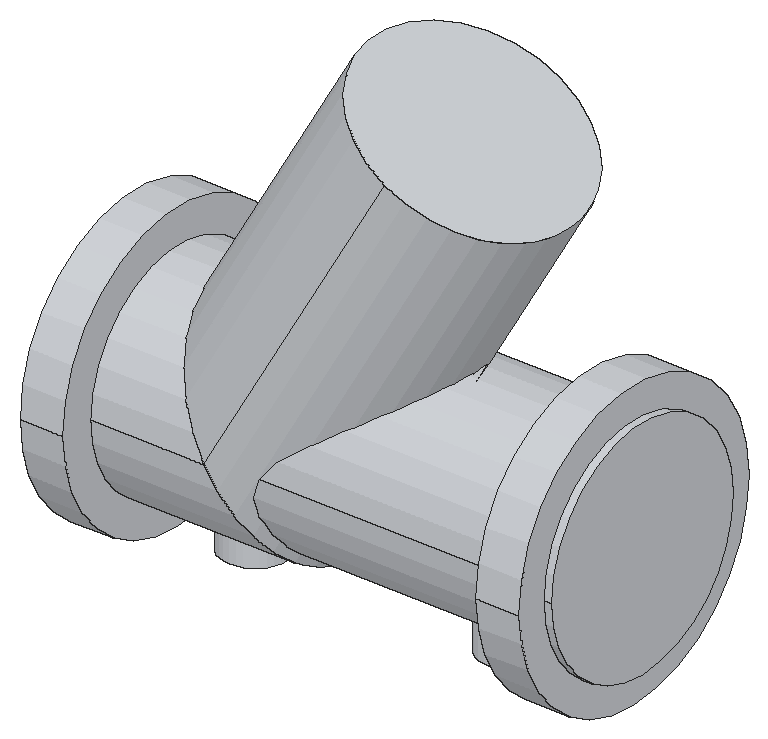
Revit family "HS 821-síto_jemné-PN16-DN250-RFA_2019", category Pipe Accessories, Revit 2019
Family settings
  Round Connector Dimension = Use Diameter
  Part Type = Breaks Into
  Work Plane-Based = No
  Always vertical = Yes
  Cut with Voids When Loaded = No
  Shared = No
Parameters (values of type "821A-DN250-PN16-síto_jemné")
  magiProductId = "05e37ed948c34047acdd4c42556504"
  magiProductFamilyId = "79214ac3aaa945e397802f559f5c1e"
  magiPartTypeId = 307
  isMeasuringValve [instance] = no
  ang2D [instance] = 0.00°
  ZB__ve = -ZB  # -62.75 mm
  ZB1 = 129.195 mm
  ZB = 62.75 mm
  X2 = 255.911 mm
  X1 = 102.2 mm
  W2D = 15 mm
  VersionID = "2.0/2017.9.26.1/ZETKAMA_821_001"
  Use Minimum Symbol Size [instance] = yes
  URL = "www.hydronix.cz"
  Type Comments = "Filtr přírubový; síto jemné; A-PN16 (-10~300°C); D-PN25 (-10~350°C); F-PN40 (-10~400°C)"
  S = 319 mm
  QmdConnectorList = "301;D;302;D"
  Productdata [instance] = ""
  Manufacturer = "Hydronix"
  MC Product Code = "210 194 (821A; DN250; PN16; kvs1229,4; oko síta 0,63mm)"
  LM1 = 58.4 mm
  LM = 584 mm
  L4 = 182.5 mm
  L2D_Min = 3048 mm
  L2D = 130 mm
  L2 = 365 mm
  HH2 = 443.25 mm
  FD = 405 mm
  Description = "Filtr přírubový; síto jemné; 821A-PN16; 821D-PN25; 821F-PN40"
  DM1 = 309.6 mm
  DM = 287.1 mm
  D = 250 mm
  CC = 12.41 mm
  CAT0 = yes
  C1 = 60.59 mm
  C = 73 mm
  BD = 90.436 mm
Types (40, lengths in mm): name | magiProductId | ZB__ve | ZB1 | ZB | X2 | X1 | S | MC Product Code | LM1 | LM | L4 | L2 | HH2 | FD | DM1 | DM | D | CC | C1 | C | BD
  821A-DN015-PN16-síto_jemné | "a71bcfe8b393460598b23e8ddf7dc5" | -16.25 | 18.63 | 16.25 | 46.982 | 18.2 | 46 | "210 115 (821A; DN015; PN16; kvs6,2; oko síta 0,63mm)" | 10.4 | 104 | 32.5 | 65 | 81.375 | 95 | 27.6 | 41.4 | 15 | 2.21 | 10.79 | 13 | 13.041
  821A-DN020-PN16-síto_jemné | "41cd6c7a12924f4991217528336076" | -17.75 | 22.68 | 17.75 | 51.673 | 21 | 56 | "210 120 (821A; DN020; PN16; kvs9,6; oko síta 0,63mm)" | 12 | 120 | 37.5 | 75 | 89.5 | 105 | 33.6 | 50.4 | 20 | 2.55 | 12.45 | 15 | 15.876
  821A-DN025-PN16-síto_jemné | "be378b463ed14c3abf4c9b3ae8cf3a" | -19.25 | 26.325 | 19.25 | 58.601 | 22.4 | 65 | "210 125 (821A; DN025; PN16; kvs14,2; oko síta 0,63mm)" | 12.8 | 128 | 40 | 80 | 101.5 | 115 | 43.2 | 58.5 | 25 | 2.72 | 13.28 | 16 | 18.427
  821A-DN032-PN16-síto_jemné | "227a0d18b21540afabe8b6067d35fa" | -23 | 30.78 | 23 | 68.849 | 25.2 | 76 | "210 132 (821A; DN032; PN16; kvs23,1; oko síta 0,63mm)" | 14.4 | 144 | 45 | 90 | 119.25 | 140 | 50.4 | 68.4 | 32 | 3.06 | 14.94 | 18 | 21.546
  821A-DN040-PN16-síto_jemné | "d106917c74724141a10440112d0102" | -24.5 | 34.02 | 24.5 | 75.777 | 28 | 84 | "210 140 (821A; DN040; PN16; kvs36,6; oko síta 0,63mm)" | 16 | 160 | 50 | 100 | 131.25 | 150 | 60 | 75.6 | 40 | 3.4 | 16.6 | 20 | 23.814
  821A-DN050-PN16-síto_jemné | "8255d456a09e4f6486734f5dd9171b" | -26.75 | 40.095 | 26.75 | 79.061 | 32.2 | 99 | "210 150 (821A; DN050 PN16; kvs53,7; oko síta 0,63mm)" | 18.4 | 184 | 57.5 | 115 | 136.938 | 165 | 73.8 | 89.1 | 50 | 3.91 | 19.09 | 23 | 28.066
  821A-DN065-PN16-síto_jemné | "235b1b3e4c0843779a4d5e3716d40a" | -29.75 | 47.79 | 29.75 | 86.927 | 40.6 | 118 | "210 165 (821A; DN065; PN16; kvs95,1; oko síta 0,63mm)" | 23.2 | 232 | 72.5 | 145 | 150.562 | 185 | 94.2 | 106.2 | 65 | 4.93 | 24.07 | 29 | 33.453
  821A-DN080-PN16-síto_jemné | "a067f7c5236348ed8c820d16df7214" | -32 | 53.46 | 32 | 104.753 | 43.4 | 132 | "210 180 (821A; DN080; PN16; kvs137,1; oko síta 0,63mm)" | 24.8 | 248 | 77.5 | 155 | 181.438 | 200 | 107.4 | 118.8 | 80 | 5.27 | 25.73 | 31 | 37.422
  821A-DN100-PN16-síto_jemné | "c49a648c2747461285837d643703cd" | -35 | 63.18 | 35 | 114.857 | 49 | 156 | "210 190 (821A; DN100; PN16; kvs206,4; oko síta 0,63mm)" | 28 | 280 | 87.5 | 175 | 198.937 | 220 | 131.4 | 140.4 | 100 | 5.95 | 29.05 | 35 | 44.226
  821A-DN125-PN16-síto_jemné | "bf68e728a163493cbd2a663b26ebdc" | -39.5 | 74.52 | 39.5 | 131.888 | 56 | 184 | "210 191 (821A; DN125; PN16; kvs268,8; oko síta 0,63mm)" | 32 | 320 | 100 | 200 | 228.438 | 250 | 165 | 165.6 | 125 | 6.8 | 33.2 | 40 | 52.164
  821A-DN150-PN16-síto_jemné | "2de770284b654863ae6bc865769dc5" | -44.75 | 85.455 | 44.75 | 155.885 | 67.2 | 211 | "210 192 (821A; DN150; PN16; kvs401,4; oko síta 0,63mm)" | 38.4 | 384 | 120 | 240 | 270 | 285 | 192 | 189.9 | 150 | 8.16 | 39.84 | 48 | 59.818
  821A-DN200-PN16-síto_jemné | "8e5693371ab64aabb29a7f08c76e15" | -53 | 107.73 | 53 | 188.361 | 84 | 266 | "210 193 (821A; DN200; PN16; kvs706,7; oko síta 0,63mm)" | 48 | 480 | 150 | 300 | 326.25 | 340 | 252 | 239.4 | 200 | 10.2 | 49.8 | 60 | 75.411
  821A-DN250-PN16-síto_jemné | "05e37ed948c34047acdd4c42556504" | -62.75 | 129.195 | 62.75 | 255.911 | 102.2 | 319 | "210 194 (821A; DN250; PN16; kvs1229,4; oko síta 0,63mm)" | 58.4 | 584 | 182.5 | 365 | 443.25 | 405 | 309.6 | 287.1 | 250 | 12.41 | 60.59 | 73 | 90.436
  821A-DN300-PN16-síto_jemné | "9ad0af747269428da925480d83ce80" | -71 | 149.85 | 71 | 325.914 | 119 | 370 | "210 195 (821A; DN300; PN16; kvs1902,4; oko síta 0,63mm)" | 68 | 680 | 212.5 | 425 | 564.5 | 460 | 369.6 | 333 | 300 | 14.45 | 70.55 | 85 | 104.895
  821A-DN350-PN16-síto_jemné | "eebc71459bb3451bb4355e7951370a" | -80 | 173.745 | 80 | 356.875 | 137.2 | 429 | "200 196 (821A; DN350; PN16; kvs2611,0; oko síta 0,63mm)" | 78.4 | 784 | 245 | 490 | 618.125 | 520 | 438 | 386.1 | 350 | 16.66 | 81.34 | 98 | 121.621
  821A-DN400-PN16-síto_jemné | "d2f677cb196647e385b2590e7d8abe" | -89 | 194.4 | 89 | 392.237 | 154 | 480 | "210 197 (821A; DN400; PN16; kvs3438,4; oko síta 0,63mm)" | 88 | 880 | 275 | 550 | 679.375 | 580 | 498 | 432 | 400 | 18.7 | 91.3 | 110 | 136.08
  821D-DN015-PN25-síto_jemné | "27ddcbf555414f8ca1fde329bf9087" | -16.25 | 18.63 | 16.25 | 46.982 | 18.2 | 46 | "210 215 (821D; DN015; PN25; kvs6,2; oko síta 0,63mm)" | 10.4 | 104 | 32.5 | 65 | 81.375 | 95 | 27.6 | 41.4 | 15 | 2.21 | 10.79 | 13 | 13.041
  821D-DN020-PN25-síto_jemné | "270e0f14012f47189cd0235c18faee" | -17.75 | 22.68 | 17.75 | 51.673 | 21 | 56 | "210 220 (821D; DN020; PN25; kvs9,6; oko síta 0,63mm)" | 12 | 120 | 37.5 | 75 | 89.5 | 105 | 33.6 | 50.4 | 20 | 2.55 | 12.45 | 15 | 15.876
  821D-DN025-PN25-síto_jemné | "b9a7fb4aa36643878c637d8e1ab992" | -19.25 | 26.325 | 19.25 | 58.601 | 22.4 | 65 | "210 225 (821D; DN025; PN25; kvs14,2; oko síta 0,63mm)" | 12.8 | 128 | 40 | 80 | 101.5 | 115 | 43.2 | 58.5 | 25 | 2.72 | 13.28 | 16 | 18.427
  821D-DN032-PN25-síto_jemné | "6be9a55c4e68400f94eec7e804204c" | -23 | 30.78 | 23 | 68.849 | 25.2 | 76 | "210 232 (821D; DN032; PN25; kvs23,1; oko síta 0,63mm)" | 14.4 | 144 | 45 | 90 | 119.25 | 140 | 50.4 | 68.4 | 32 | 3.06 | 14.94 | 18 | 21.546
  821D-DN040-PN25-síto_jemné | "c54511bd7f584ec2984291479612cb" | -24.5 | 34.02 | 24.5 | 75.777 | 28 | 84 | "210 240 (821D; DN040; PN25; kvs36,6; oko síta 0,63mm)" | 16 | 160 | 50 | 100 | 131.25 | 150 | 60 | 75.6 | 40 | 3.4 | 16.6 | 20 | 23.814
  821D-DN050-PN25-síto_jemné | "5483b1f596b04cd39b23a14a22c90e" | -26.75 | 40.095 | 26.75 | 79.061 | 32.2 | 99 | "210 250 (821D; DN050; PN25; kvs53,7; oko síta 0,63mm)" | 18.4 | 184 | 57.5 | 115 | 136.938 | 165 | 73.8 | 89.1 | 50 | 3.91 | 19.09 | 23 | 28.066
  821D-DN065-PN25-síto_jemné | "767b0f8318e94750bc7a9930ed5b30" | -29.75 | 47.79 | 29.75 | 86.927 | 40.6 | 118 | "210 265 (821D; DN065; PN25; kvs95,1; oko síta 0,63mm)" | 23.2 | 232 | 72.5 | 145 | 150.562 | 185 | 94.2 | 106.2 | 65 | 4.93 | 24.07 | 29 | 33.453
  821D-DN080-PN25-síto_jemné | "e21040fa3cc2404b858198f6b73709" | -32 | 53.46 | 32 | 104.753 | 43.4 | 132 | "210 280 (821D; DN080; PN25; kvs137,1; oko síta 0,63mm)" | 24.8 | 248 | 77.5 | 155 | 181.438 | 200 | 107.4 | 118.8 | 80 | 5.27 | 25.73 | 31 | 37.422
  821D-DN100-PN25-síto_jemné | "175ca87a506b40b3bc6b82f12f33cf" | -37.25 | 63.18 | 37.25 | 114.857 | 49 | 156 | "210 290 (821D; DN100; PN25; kvs206,4; oko síta 0,63mm)" | 28 | 280 | 87.5 | 175 | 198.937 | 235 | 131.4 | 140.4 | 100 | 5.95 | 29.05 | 35 | 44.226
  821D-DN125-PN25-síto_jemné | "77cc98d60da24855999a22dff726b2" | -42.5 | 74.52 | 42.5 | 131.888 | 56 | 184 | "210 291 (821D; DN125; PN25; kvs268,8; oko síta 0,63mm)" | 32 | 320 | 100 | 200 | 228.438 | 270 | 165 | 165.6 | 125 | 6.8 | 33.2 | 40 | 52.164
  821D-DN150-PN25-síto_jemné | "9cf8acfcd15547d68e83172d3abcbe" | -47 | 85.455 | 47 | 155.885 | 67.2 | 211 | "210 292 (821D; DN150; PN25; kvs401,4; oko síta 0,63mm)" | 38.4 | 384 | 120 | 240 | 270 | 300 | 192 | 189.9 | 150 | 8.16 | 39.84 | 48 | 59.818
  821D-DN200-PN25-síto_jemné | "16973f3c9ea14389ba8602495a6b64" | -56 | 110.97 | 56 | 188.361 | 84 | 274 | "210 293 (821D; DN200; PN25; kvs706,7; oko síta 0,63mm)" | 48 | 480 | 150 | 300 | 326.25 | 360 | 252 | 246.6 | 200 | 10.2 | 49.8 | 60 | 77.679
  821F-DN015-PN40-síto_jemné | "4c7eaf3c4c0340888b3e684d8a8616" | -16.25 | 18.225 | 16.25 | 46.982 | 18.2 | 45 | "250 615 (821F; DN015; PN40; kvs6,2; oko síta 0,63mm)" | 10.4 | 104 | 32.5 | 65 | 81.375 | 95 | 27.6 | 40.5 | 15 | 2.21 | 10.79 | 13 | 12.757
  821F-DN020-PN40-síto_jemné | "aaac5f1ec96b44d6ba96ac2293d66d" | -17.75 | 23.49 | 17.75 | 51.673 | 21 | 58 | "250 620 (821F; DN020; PN40; kvs9,6; oko síta 0,63mm)" | 12 | 120 | 37.5 | 75 | 89.5 | 105 | 33.6 | 52.2 | 20 | 2.55 | 12.45 | 15 | 16.443
  821F-DN025-PN40-síto_jemné | "504768023968471481789485b54c7e" | -19.25 | 27.54 | 19.25 | 58.601 | 22.4 | 68 | "250 625 (821F; DN025; PN40; kvs14,2; oko síta 0,63mm)" | 12.8 | 128 | 40 | 80 | 101.5 | 115 | 43.2 | 61.2 | 25 | 2.72 | 13.28 | 16 | 19.278
  821F-DN032-PN40-síto_jemné | "165e7f39cf744f329bdf1c400dad12" | -23 | 31.59 | 23 | 68.849 | 25.2 | 78 | "250 632 (821F; DN032; PN40; kvs23,1; oko síta 0,63mm)" | 14.4 | 144 | 45 | 90 | 119.25 | 140 | 50.4 | 70.2 | 32 | 3.06 | 14.94 | 18 | 22.113
  821F-DN040-PN40-síto_jemné | "b8903f952089408fbf3a5a632bab1f" | -24.5 | 35.64 | 24.5 | 75.777 | 28 | 88 | "250 640 (821F; DN040; PN40; kvs36,6; oko síta 0,63mm)" | 16 | 160 | 50 | 100 | 131.25 | 150 | 60 | 79.2 | 40 | 3.4 | 16.6 | 20 | 24.948
  821F-DN050-PN40-síto_jemné | "c451f97266fe48da8f879cb6a2bd44" | -26.75 | 41.31 | 26.75 | 79.061 | 32.2 | 102 | "250 650 (821F; DN050; PN40; kvs53,7; oko síta 0,63mm)" | 18.4 | 184 | 57.5 | 115 | 136.938 | 165 | 73.8 | 91.8 | 50 | 3.91 | 19.09 | 23 | 28.917
  821F-DN065-PN40-síto_jemné | "dc9821e3f9b34e128f6a8c6b34c198" | -29.75 | 49.41 | 29.75 | 86.927 | 40.6 | 122 | "250 665 (821F; DN065; PN40; kvs95,1; oko síta 0,63mm)" | 23.2 | 232 | 72.5 | 145 | 150.562 | 185 | 94.2 | 109.8 | 65 | 4.93 | 24.07 | 29 | 34.587
  821F-DN080-PN40-síto_jemné | "689aa1e260f84cf4994f027a1d86b5" | -32 | 55.89 | 32 | 104.753 | 43.4 | 138 | "250 680 (821F; DN080; PN40; kvs137,1; oko síta 0,63mm)" | 24.8 | 248 | 77.5 | 155 | 181.438 | 200 | 107.4 | 124.2 | 80 | 5.27 | 25.73 | 31 | 39.123
  821F-DN100-PN40-síto_jemné | "8a45d4e8e2ab425f8c432f21d684f3" | -37.25 | 65.61 | 37.25 | 114.857 | 49 | 162 | "250 690 (821F; DN100; PN40; kvs206,4; oko síta 0,63mm)" | 28 | 280 | 87.5 | 175 | 198.937 | 235 | 131.4 | 145.8 | 100 | 5.95 | 29.05 | 35 | 45.927
  821F-DN125-PN40-síto_jemné | "cf073904c006406b8645afa67ea2fc" | -42.5 | 76.14 | 42.5 | 131.888 | 56 | 188 | "250 691 (821F; DN125; PN40; kvs268,8; oko síta 0,63mm)" | 32 | 320 | 100 | 200 | 228.438 | 270 | 165 | 169.2 | 125 | 6.8 | 33.2 | 40 | 53.298
  821F-DN150-PN40-síto_jemné | "0153b9ddabe14992a630484929fdbc" | -47 | 88.29 | 47 | 155.885 | 67.2 | 218 | "250 692 (821F; DN150; PN40; kvs401,4; oko síta 0,63mm)" | 38.4 | 384 | 120 | 240 | 270 | 300 | 192 | 196.2 | 150 | 8.16 | 39.84 | 48 | 61.803
  821F-DN200-PN40-síto_jemné | "7fb3fc01dd8d42428c203e3f8dd4d5" | -56 | 115.425 | 56 | 188.361 | 84 | 285 | "250 693 (821F; DN200; PN40; kvs706,7; oko síta 0,63mm)" | 48 | 480 | 150 | 300 | 326.25 | 360 | 252 | 256.5 | 200 | 10.2 | 49.8 | 60 | 80.797
Reference planes
  plane 1 "Center (Front/Back)": y = 0
  plane 2 "XYPLANE": z = 0
  plane 3 "Center (Left/Right)": x = 0
  plane 4 "109": x = -233.6
  plane 5 "108": x = 292
  plane 6 "107": x = -292
  plane 7 "105": x = 365
  plane 8 "104": x = -365
  plane 9 "103": y = 0
  plane 10 "102": z = 0
  plane 11 "101": x = -352.59
  plane 12 "100": x = 352.59
  plane 13 "11": x = -131.4
  plane 14 "10": z = 443.25
  plane 15 "9": x = 124.511
  plane 16 "5": z = -129.195
  plane 17 "4": x = -182.5
  plane 18 "1": x = 182.5
Forms (mm)
  Extrusion 1, solid, visible <- "CAT0"
    sketch origin (-292, -750, 0) x (0, 1, 0) y (0, 0, 1)
      loop
        circle (750, 0) r 143.55
    from 0 to 584 <- "LM"
  Extrusion 2, solid
    sketch origin (-365, -750, 0) x (0, 1, 0) y (0, 0, 1)
      loop
        circle (750, 0) r 159.5
    from 0 to 12.41 <- "CC"
  Extrusion 3, solid
    sketch origin (-352.59, -750, 0) x (0, 1, 0) y (0, 0, 1)
      loop
        circle (750, 0) r 202.5
    from 0 to 60.59 <- "C1"
  Extrusion 4, solid
    sketch origin (292, -750, 0) x (0, 1, 0) y (0, 0, 1)
      loop
        circle (750, 0) r 202.5
    from 0 to 60.59 <- "C1"
  Extrusion 5, solid
    sketch origin (352.59, -750, 0) x (0, 1, 0) y (0, 0, 1)
      loop
        circle (750, 0) r 159.5
    from 0 to 12.41 <- "CC"
  Sweep 6, solid, visible <- "CAT0"
    path origin (750, 0, 0) x (-1, 0, 0) y (0, 0, 1)
      loop
        line (1042, 0) -> (881.4, 0) -> (625.489, 443.25)
    profile origin (-292, 0, 0) x (0, 0, -1) y (0, 1, 0)
      loop
        circle (0, 0) r 154.8
  Extrusion 7, solid, visible <- "CAT0"
    sketch origin (-750, 0, -129.195) x (1, 0, 0) y (0, 1, 0)
      loop
        circle (567.5, 0) r 45.218
    from 0 to -62.75 <- "ZB__ve"
  Extrusion 8, solid, visible <- "CAT0"
    sketch origin (-750, 0, -129.195) x (1, 0, 0) y (0, 1, 0)
      loop
        circle (932.5, 0) r 45.218
    from 0 to -62.75 <- "ZB__ve"
  Extrusion 9, solid, not visible
    sketch origin (365, -750, 0) x (0, 1, 0) y (0, 0, 1)
      loop
        circle (750, 0) r 10
    from 0 to -10
  Extrusion 10, solid, not visible
    sketch origin (-365, -750, 0) x (0, 1, 0) y (0, 0, 1)
      loop
        circle (750, 0) r 10
    from 0 to 10
Lines and regions (mm)
  reference lines, not visible
    curve 1: circle (2, 2, 0) r 1 normal (0, 0, 1)
Dimensions and locks
  plane 1 "Center (Front/Back)" to curve 1 = 2 mm
  "LM1": plane 6 "107" to plane 4 "109"
  "LM": plane 6 "107" to plane 5 "108"
  "C": plane 8 "104" to plane 6 "107"
  "L2": plane 3 "Center (Left/Right)" to plane 7 "105"
  "L2": plane 3 "Center (Left/Right)" to plane 8 "104"
  locked: plane 1 "Center (Front/Back)" to plane 9 "103"
  locked: plane 2 "XYPLANE" to plane 10 "102"
  "CC": plane 8 "104" to plane 11 "101"
  "C1": plane 5 "108" to plane 12 "100"
  "X1": plane 4 "109" to plane 13 "11"
  "HH2": plane 2 "XYPLANE" to plane 14 "10"
  "X2": plane 13 "11" to plane 15 "9"
  "ZB1": plane 2 "XYPLANE" to plane 16 "5"
  "L4": plane 8 "104" to plane 17 "4"
  "L2": plane 17 "4" to plane 18 "1"
  Sweep 6 sketch curve to Sweep 6 sketch curve = 0 mm  (x2)
  "DM": diameter of Extrusion 1 sketch curve
  "S": diameter of Extrusion 2 sketch curve
  "FD": diameter of Extrusion 3 sketch curve
  "FD": diameter of Extrusion 4 sketch curve
  "S": diameter of Extrusion 5 sketch curve
  "DM1": diameter of Sweep 6 sketch curve
  "BD": diameter of Extrusion 7 sketch curve
  "BD": diameter of Extrusion 8 sketch curve
  aligned and locked: level to plane 2 "XYPLANE"
  aligned and locked: Extrusion 1 sketch curve to plane 9 "103"
  aligned and locked: plane 10 "102" to Extrusion 1 sketch curve
  aligned and locked: Extrusion 2 sketch curve to plane 9 "103"
  aligned and locked: plane 10 "102" to Extrusion 2 sketch curve
  aligned and locked: Extrusion 3 sketch curve to plane 9 "103"
  aligned and locked: plane 10 "102" to Extrusion 3 sketch curve
  aligned and locked: Extrusion 4 sketch curve to plane 9 "103"
  aligned and locked: plane 10 "102" to Extrusion 4 sketch curve
  aligned and locked: Extrusion 5 sketch curve to plane 9 "103"
  aligned and locked: plane 10 "102" to Extrusion 5 sketch curve
  aligned and locked: Sweep 6 sketch curve to plane 9 "103"
  aligned and locked: plane 10 "102" to Sweep 6 sketch curve  (x3)
  aligned and locked: plane 6 "107" to Sweep 6 sketch curve
  aligned and locked: plane 13 "11" to Sweep 6 sketch curve
  aligned and locked: plane 14 "10" to Sweep 6 sketch curve
  aligned and locked: plane 15 "9" to Sweep 6 sketch curve
  aligned and locked: plane 9 "103" to Extrusion 7 sketch curve
  aligned and locked: plane 17 "4" to Extrusion 7 sketch curve
  aligned and locked: plane 9 "103" to Extrusion 8 sketch curve
  aligned and locked: plane 18 "1" to Extrusion 8 sketch curve
  aligned and locked: Extrusion 9 sketch curve to plane 9 "103"
  aligned and locked: plane 10 "102" to Extrusion 9 sketch curve
  aligned and locked: Extrusion 10 sketch curve to plane 9 "103"
  aligned and locked: plane 10 "102" to Extrusion 10 sketch curve
Automatic sketch dimensions
  plane 1 "Center (Front/Back)" to Extrusion 9 sketch curve = 10 mm
  plane 1 "Center (Front/Back)" to Extrusion 10 sketch curve = 10 mm
  plane 3 "Center (Left/Right)" to curve 1 = 2 mm
  radius of curve 1 = 1 mm
Connectors
  piping at (-365, 0, 0), diameter 250, driven by "D"
    settings: on Extrusion 10, index 1, connector inside diameter 609.6 mm, connector length 0 mm, flow factor 0, pipe flow 0.0 L/s, pressure drop 0.0 Pa, fitting loss kfactor 0, connector angle 0.00°, fixture units 0, engagement length 0 mm, angle of deflection 0.00°, flow configuration 0, flow direction 0, fitting loss method 0, system type 29, joint type 0, gender type 0, connector reference index 2, connector utility 0, adjustable connector no, is connector primary yes, connector description ""
  piping at (365, 0, 0), diameter 250, driven by "D"
    settings: on Extrusion 9, index 2, connector inside diameter 609.6 mm, connector length 0 mm, flow factor 0, pipe flow 0.0 L/s, pressure drop 0.0 Pa, fitting loss kfactor 0, connector angle 0.00°, fixture units 0, engagement length 0 mm, angle of deflection 0.00°, flow configuration 0, flow direction 0, fitting loss method 0, system type 29, joint type 0, gender type 0, connector reference index 1, connector utility 0, adjustable connector no, is connector primary no, connector description ""
